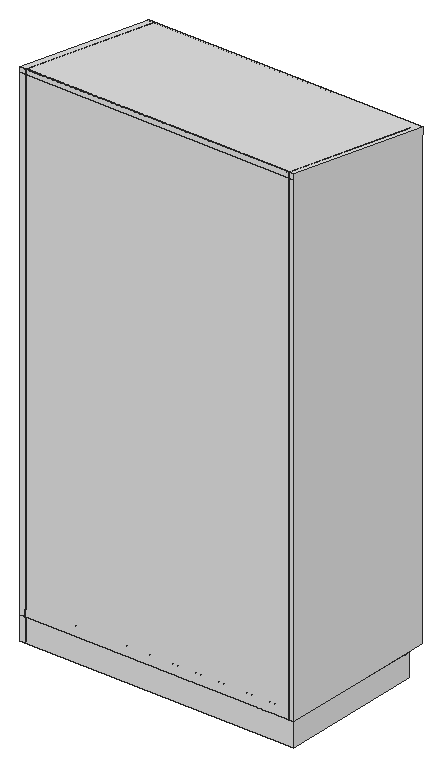
Revit family "Lockers_Series-51-with-Bottom-Base_Lincora", category Casework, Revit 2026
Family settings
  Work Plane-Based = No
  Always vertical = Yes
  Cut with Voids When Loaded = No
  Shared = No
  Room Calculation Point = No
Parameters (values of type "Series 51_White")
  Width = if(and(Requested Width < Max Width, Requested Width > Min Width), Requested Width, if(or(Requested Width = Max Width, Requested Width > Max Width), Max Width, Min Width))  # 48"
  URL = "https://www.lincora.com"
  Specification = "https://www.arcat.com/company/Harvey-Building-Products-32985/spec"
  Requested Width = 48"
  Requested Height = 90"
  Requested Depth = 28"
  Product Page URL = "https://www.arcat.com/company/Harvey-Building-Products-32985"
  Model = "Series 51"
  Min Width = 9"  # constant formula
  Min Height = 30 1/2"  # constant formula
  Min Depth = 12"  # constant formula
  Max Width = 48"  # constant formula
  Max Height = 90"  # constant formula
  Max Depth = 28"  # constant formula
  Manufacturer = "Lincora"
  Keynote = "10 51 00"
  Incremet = "8-Jan"
  Hook Width = Width - 2"  # 46"
  Hook Material = Aluminum
  Height = if(and(Requested Height < Max Height, Requested Height > Min Height), Requested Height, if(or(Requested Height = Max Height, Requested Height > Max Height), Max Height, Min Height))  # 90"
  Depth = if(and(Requested Depth < Max Depth, Requested Depth > Min Depth), Requested Depth, if(or(Requested Depth = Max Depth, Requested Depth > Max Depth), Max Depth, Min Depth))  # 28"
  Default Elevation = 0"
  Copyright = "ARCAT, Inc."
  CAD Details = "https://www.arcat.com/company/Harvey-Building-Products-32985/cad"
  Body Material = White
  Base Material = White
Types (12): name | Width | Requested Width | Requested Height | Requested Depth | Incremet | Hook Width | Height | Depth | Body Material | Base Material
  Series 51_White | 48" | 48" | 90" | 28" | "8-Jan" | 46" | 90" | 28" | White | White
  Series 51_Nevada Beige | 9" | 0" | 0" | 0" | "" | 7" | 30 1/2" | 12" | Nevada Beige | Nevada Beige
  Series 51_Pearl Gray | 9" | 0" | 0" | 0" | "" | 7" | 30 1/2" | 12" | Pearl Gray | Pearl Gray
  Series 51_Aluminum Gray | 9" | 0" | 0" | 0" | "" | 7" | 30 1/2" | 12" | Aluminum Gray | Aluminum Gray
  Series 51_Platinum Gray | 9" | 0" | 0" | 0" | "" | 7" | 30 1/2" | 12" | Platinum Gray | Platinum Gray
  Series 51_Medium Gray | 9" | 0" | 0" | 0" | "" | 7" | 30 1/2" | 12" | Medium Gray | Medium Gray
  Series 51_Dark Gray | 9" | 0" | 0" | 0" | "" | 7" | 30 1/2" | 12" | Dark Gray | Dark Gray
  Series 51_Ocean Blue | 9" | 0" | 0" | 0" | "" | 7" | 30 1/2" | 12" | Ocean Blue | Ocean Blue
  Series 51_Azure Blue | 9" | 0" | 0" | 0" | "" | 7" | 30 1/2" | 12" | Azure Blue | Azure Blue
  Series 51_Dark Blue | 9" | 0" | 0" | 0" | "" | 7" | 30 1/2" | 12" | Dark Blue | Dark Blue
  Series 51_Black | 9" | 0" | 0" | 0" | "" | 7" | 30 1/2" | 12" | Black | Black
  Series 51_Red | 9" | 0" | 0" | 0" | "" | 7" | 30 1/2" | 12" | Red | Red
Reference planes (in)
  plane 1 "Center (Front/Back)": y = 0
  plane 2: z = 0
  plane 3 "Center (Left/Right)": x = 0
  plane 4: y = 14
  plane 5: y = -14
  plane 6: x = 24
  plane 7: x = -24
  plane 8: z = 90
  plane 9: y = 11
  plane 10: y = 12.645
  plane 11: y = 12.436
  plane 12: y = -13.902
  plane 13: z = 85
  plane 14: z = 74.125
  plane 15: z = 75
  plane 16: z = 65
  plane 17: z = 64.125
  plane 18: z = 84.40205
  plane 19: z = 89.0932
  plane 20: z = 83.592
  plane 21: z = 5.346
  plane 22: z = 5.125
  plane 23: z = 4
  plane 24: z = 5
  plane 25: z = 5.937
  plane 26: z = 6.356
  plane 27: y = 11.936
  plane 28: y = 9.542
  plane 29: y = 8.106
  plane 30: y = -11.216
  plane 31: y = -12.652
  plane 32: x = -23.015
  plane 33: x = 23.015
  plane 34: x = -22.877
  plane 35: x = -21.471
  plane 36: x = -20.659
  plane 37: x = 22.77
  plane 38: x = -22.752
  plane 39: x = -19.378
  plane 40: z = 45
Forms (in)
  Extrusion 1, solid, material "White" <- "Body Material"
    sketch origin (0, 0, 0) x (0, 1, 0) y (0, 0, 1)
      loop
        line (-14.01, 90) -> (-14.01, 89.125) -> (-13.956, 89.125) -> (-13.956, 89.93766) -> (14.01, 84.95322) -> (14.01, 83.867) -> (12.382, 83.867) -> (12.382, 83.192)
        arc (12.382, 83.192) -> (12.361, 83.171) -> (12.34, 83.192) r 0.021
        line (12.34, 83.192) -> (12.34, 83.492) -> (12.286, 83.492) -> (12.286, 83.192)
        arc (12.286, 83.192) -> (12.361, 83.117) -> (12.436, 83.192) r 0.075
        line (12.436, 83.192) -> (12.436, 83.813) -> (14.064, 83.813) -> (14.064, 85) -> (-14.01, 90)
    from -24 to 24
  Extrusion 2, solid, material "White" <- "Body Material"
    sketch origin (0, 0, 0) x (0, 1, 0) y (0, 0, 1)
      loop
        line (-13.852, 89.91913) -> (-13.852, 89.0932) -> (12.31007, 84.40205) -> (12.45849, 85.22975) -> (-13.852, 89.91913)
    from -23.015 to 23.015
  Extrusion 3, solid, material "White" <- "Body Material"
    sketch origin (0, 0, 0) x (0, 1, 0) y (0, 0, 1)
      loop
        arc (11.60822, 64.034) -> (11.595, 64.04722) -> (11.60822, 64.06044) r 0.01322
        line (11.60822, 64.06044) -> (11.936, 64.06044) -> (11.936, 64.09444) -> (11.60822, 64.09444)
        arc (11.60822, 64.09444) -> (11.561, 64.04722) -> (11.60822, 64) r 0.04722
        line (11.60822, 64) -> (12.436, 64) -> (12.436, 65) -> (-13.922, 65) -> (-13.922, 64.125) -> (-13.888, 64.125) -> (-13.888, 64.966) -> (12.402, 64.966) -> (12.402, 64.034) -> (11.60822, 64.034)
    from -23.015 to 23.015
  Extrusion 4, solid, material "White" <- "Base Material"
    sketch origin (0, 0, 0) x (0, 1, 0) y (0, 0, 1)
      loop
        line (11, 4) -> (-14, 4) -> (-14, 0) -> (11, 0) -> (11, 4)
      loop
        line (10.946, 3.946) -> (-13.946, 3.946) -> (-13.946, 0.054) -> (10.946, 0.054) -> (10.946, 3.946)
    from -24 to 24
  Extrusion 5, solid, material "White" <- "Base Material"
    sketch origin (0, 0, 0) x (1, 0, 0) y (0, 1, 0)
      loop
        line (23.015, 10.946) -> (23.015, -13.946) -> (24, -13.946) -> (24, 10.946) -> (23.015, 10.946)
      loop
        line (-24, 10.946) -> (-24, -13.946) -> (-23.015, -13.946) -> (-23.015, 10.946) -> (-24, 10.946)
    from 0.054 to 3.946
  Extrusion 6, solid, material "White" <- "Body Material"
    sketch origin (0, 0, 0) x (0, 1, 0) y (0, 0, 1)
      loop
        line (13.882, 4.054) -> (13.436, 4.054) -> (13.436, 4) -> (13.936, 4) -> (13.936, 5.125) -> (12.436, 5.125) -> (12.436, 5.937) -> (-13.892, 6.356) -> (-13.892, 4.044) -> (-13.838, 4.044) -> (-13.838, 6.3008) -> (12.382, 5.88417) -> (12.382, 5.071) -> (13.882, 5.071) -> (13.882, 4.054)
    from -23.015 to 23.015
  Extrusion 7, solid, material "White" <- "Body Material"
    sketch origin (0, 0, 0) x (0, 1, 0) y (0, 0, 1)
      loop
        line (14, 3.98) -> (14, 5.077) -> (13.946, 5.077) -> (13.946, 3.98) -> (14, 3.98)
    from -23.015 to 23.015
  Extrusion 8, solid, material "White" <- "Body Material"
    sketch origin (0, 0, 0) x (0, 1, 0) y (0, 0, 1)
      loop
        line (11.936, 64.125) -> (11.936, 64.946) -> (-13.729, 64.946) -> (-13.729, 64.125) -> (11.936, 64.125)
    from -23.015 to 23.015
  Extrusion 9, solid, material "White" <- "Body Material"
    sketch origin (0, 0, -48.147) x (0, 1, 0) y (0, 0, 1)
      loop
        arc (11.60822, 122.181) -> (11.595, 122.19422) -> (11.60822, 122.20744) r 0.01322
        line (11.60822, 122.20744) -> (11.936, 122.20744) -> (11.936, 122.24144) -> (11.60822, 122.24144)
        arc (11.60822, 122.24144) -> (11.561, 122.19422) -> (11.60822, 122.147) r 0.04722
        line (11.60822, 122.147) -> (12.436, 122.147) -> (12.436, 123.147) -> (-13.922, 123.147) -> (-13.922, 122.272) -> (-13.888, 122.272) -> (-13.888, 123.113) -> (12.402, 123.113) -> (12.402, 122.181) -> (11.60822, 122.181)
    from -23.015 to 23.015
  Extrusion 10, solid, material "White" <- "Body Material"
    sketch origin (0, 0, -48.147) x (0, 1, 0) y (0, 0, 1)
      loop
        line (11.936, 122.272) -> (11.936, 123.113) -> (-13.854, 123.113) -> (-13.854, 122.272) -> (11.936, 122.272)
    from -23.015 to 23.015
  Extrusion 11, solid, material "White" <- "Body Material"
    sketch origin (0, 0, 0) x (0, 1, 0) y (0, 0, 1)
      loop
        line (10.375, 4.14482) -> (12.20371, 4.10466) -> (12.24286, 5.88723) -> (-13.76402, 6.29918) -> (-13.78121, 5.51636) -> (-12.80341, 4.49465) -> (-10.375, 4.44132) -> (-10.375, 5) -> (10.375, 5) -> (10.375, 4.14482)
    from -23.015 to 23.015
  Extrusion 12, solid, material "White" <- "Body Material"
    sketch origin (0, 0, 0) x (0, 1, 0) y (0, 0, 1)
      loop
        line (-13.071, 4.044) -> (-13.902, 4.044) -> (-13.902, 89.92869) -> (-14, 89.94497) -> (-14, 4.044) -> (-13.946, 4.044) -> (-13.946, 4) -> (-13.071, 4) -> (-13.071, 4.044)
    from -23.015 to 23.015
  Extrusion 13, solid, material "White" <- "Body Material"
    sketch origin (0, 0, 0) x (1, 0, 0) y (0, 0, 1)
      loop
        line (-23.015, 83.813) -> (23.015, 83.813) -> (23.015, 83.921) -> (24, 83.921) -> (24, 85) -> (-24, 85) -> (-24, 83.921) -> (-23.015, 83.921) -> (-23.015, 83.813)
    from -14 to -13.171
  Extrusion 14, solid, material "White" <- "Body Material"
    sketch origin (0, 0, 0) x (1, 0, 0) y (0, 0, 1)
      loop
        line (-23.015, 5.125) -> (-23.015, 89.892) -> (-23.015, 90) -> (-24, 90) -> (-24, 4.044) -> (-23.123, 4.044) -> (-23.123, 5.125) -> (-23.015, 5.125)
      loop
        line (23.015, 90) -> (23.015, 5.125) -> (23.123, 5.125) -> (23.123, 4.044) -> (24, 4.044) -> (24, 90) -> (23.015, 90)
    from -14 to 14
  Extrusion 15, void
    sketch origin (0, 0, 0) x (0, 1, 0) y (0, 0, 1)
      loop
        line (14.5, 84.92235) -> (14.5, 94.5) -> (-14, 94.5) -> (-14, 89.99822) -> (14.5, 84.92235)
    from -24 to 24
Cuts and joins
  joined: Extrusion 4, Extrusion 5
  Extrusion 15 cuts Extrusion 14
  joined: Extrusion 1, Extrusion 13, Extrusion 14
  Extrusion 15 cuts Extrusion 2
Dimensions and locks (in)
  equal spacing: plane 7, plane 3 "Center (Left/Right)", plane 6
  equal spacing: plane 4, plane 1 "Center (Front/Back)", plane 5
  "Width": plane 7 to plane 6
  "Depth": plane 5 to plane 4
  "Height": plane 8 to level
  plane 8 to plane 19 to plane 13 to plane 18 to plane 20 to plane 15 to plane 14 to plane 16 to plane 17 = 0.9068" locked, 4.0932" locked, 0.59795" locked, 0.81005" locked, 8.592" locked, 7/8" locked, 9 1/8" locked, 7/8" locked
  plane 26 to plane 25 to plane 21 to plane 22 to plane 24 to plane 23 to level = 0.419" locked, 0.591" locked, 0.221" locked, 1/8" locked, 1" locked, 4"
  plane 4 to plane 10 to plane 11 to plane 27 to plane 9 to plane 28 to plane 29 = 1.355" locked, 0.209" locked, 1/2" locked, 0.936" locked, 1.458" locked, 1.436" locked
  plane 30 to plane 31 to plane 12 to plane 5 = 1.436" locked, 1 1/4" locked, 0.098" locked
  plane 7 to plane 32 to plane 34 to plane 38 to plane 35 to plane 36 to plane 39 = 0.985" locked, 0.138" locked, 1/8" locked, 1.281" locked, 0.812" locked, 1.281" locked
  plane 6 to plane 33 to plane 37 = 0.985" locked, 0.245" locked
  equal spacing: plane 8, plane 40, level
  Extrusion 1 sketch curve to plane 5 to Extrusion 1 sketch curve = 0.044" locked, 0.01" locked
  Extrusion 1 sketch curve to Extrusion 1 sketch curve to plane 19 = 0.81266" locked, 0.0318" locked
  Extrusion 1 sketch curve to Extrusion 1 sketch curve to plane 4 = 0.054" locked, 0.01" locked
  plane 13 to Extrusion 1 sketch curve to Extrusion 1 sketch curve to Extrusion 1 sketch curve to Extrusion 1 sketch curve to Extrusion 1 sketch curve to Extrusion 1 sketch curve = 0.04678" locked, 1.08622" locked, 0.054" locked, 0.321" locked, 0.321" locked, 0.054" locked
  plane 4 to Extrusion 1 sketch curve to Extrusion 1 sketch curve to Extrusion 1 sketch curve to Extrusion 1 sketch curve = 1.564" locked, 0.054" locked, 0.042" locked, 0.054" locked
  locked: plane 9 to Extrusion 4 sketch curve at 0.054
  locked: Extrusion 4 sketch curve to plane 5 at 0.054
  locked: Extrusion 4 sketch curve to level at 0.054
  locked: plane 23 to Extrusion 4 sketch curve at 0.054
  Extrusion 6 sketch curve to Extrusion 6 sketch curve to plane 23 = 2.2568" locked, 0.044" locked
  Extrusion 6 sketch curve to Extrusion 6 sketch curve to plane 12 = 0.054" locked, 0.01" locked
  plane 4 to Extrusion 6 sketch curve to Extrusion 6 sketch curve to Extrusion 6 sketch curve to Extrusion 6 sketch curve to Extrusion 6 sketch curve = 0.064" locked, 0.054" locked, 0.446" locked, 1" locked, 0.054" locked
  Extrusion 6 sketch curve to Extrusion 6 sketch curve to Extrusion 6 sketch curve to plane 23 = 0.81317" locked, 1.017" locked, 0.054" locked
  locked: Extrusion 12 sketch curve to plane 23 at 0.044
  Extrusion 13 sketch curve to Extrusion 13 sketch curve to plane 20 = 0.108" locked, 0.221" locked
  locked: Extrusion 13 sketch curve to plane 20 at 0.329
  locked: Extrusion 13 to plane 20 at 0.329  (x2)
  locked: Extrusion 14 sketch curve to plane 23 at 0.044  (x2)
  locked: Extrusion 13 to plane 10 at 0.526
  plane 4 to Extrusion 11 sketch curve to Extrusion 11 sketch curve to Extrusion 11 sketch curve = 1.75714" locked, 0.03915" locked, 1.82871" locked
  Extrusion 11 sketch curve to Extrusion 11 sketch curve to Extrusion 11 sketch curve to Extrusion 11 sketch curve to plane 5 = 2.42841" locked, 0.96061" locked, 0.01719" locked, 0.21879" locked
  plane 25 to Extrusion 11 sketch curve to Extrusion 11 sketch curve to Extrusion 11 sketch curve = 0.04977" locked, 1.74241" locked, 0.04016" locked
  plane 26 to Extrusion 11 sketch curve to Extrusion 11 sketch curve to Extrusion 11 sketch curve to Extrusion 11 sketch curve = 0.05682" locked, 0.78281" locked, 1.02172" locked, 0.05333" locked
  locked: Extrusion 15 sketch curve to plane 8 at 4.5
  locked: Extrusion 15 sketch curve to plane 4 at 0.5
  Extrusion 9 sketch curve to Extrusion 9 sketch curve to plane 5 = 0.034" locked, 0.078" locked
  plane 11 to Extrusion 9 sketch curve to Extrusion 9 sketch curve to Extrusion 9 sketch curve = 0.034" locked, 0.807" locked, 0.034" locked
  Extrusion 9 sketch curve to plane 14 to Extrusion 9 sketch curve to Extrusion 9 sketch curve to Extrusion 9 sketch curve to Extrusion 9 sketch curve = 0.841" locked, 0.03056" locked, 0.034" locked, 0.02644" locked, 0.034" locked
  locked: Extrusion 10 sketch curve to plane 5 at 0.146
  Extrusion 3 sketch curve to Extrusion 3 sketch curve to plane 5 = 0.034" locked, 0.078" locked
  plane 11 to Extrusion 3 sketch curve to Extrusion 3 sketch curve to Extrusion 3 sketch curve to Extrusion 3 sketch curve = 0.034" locked, 0.466" locked, 0.341" locked, 0.034" locked
  plane 16 to Extrusion 3 sketch curve to Extrusion 3 sketch curve to Extrusion 3 sketch curve to Extrusion 3 sketch curve to Extrusion 3 sketch curve = 0.034" locked, 0.87156" locked, 0.034" locked, 0.02644" locked, 0.034" locked
  locked: Extrusion 8 sketch curve to plane 5 at 0.271
  Extrusion 7 sketch curve to plane 23 to Extrusion 7 sketch curve = 1.077" locked, 0.02" locked
  locked: plane 4 to Extrusion 7 sketch curve at 0.054
  plane 15 to plane 16 = 10"
  aligned and locked: plane 2 to level
  aligned and locked: plane 8 to Extrusion 1 sketch curve
  aligned and locked: plane 13 to Extrusion 1 sketch curve
  aligned and locked: plane 23 to Extrusion 4 sketch curve
  aligned and locked: plane 9 to Extrusion 4 sketch curve
  aligned and locked: level to Extrusion 4 sketch curve
  aligned and locked: Extrusion 4 sketch curve to plane 5
  aligned and locked: plane 7 to Extrusion 4
  aligned and locked: plane 6 to Extrusion 4
  aligned and locked: Extrusion 5 sketch curve to plane 6
  aligned and locked: plane 33 to Extrusion 5 sketch curve
  aligned and locked: plane 32 to Extrusion 5 sketch curve
  aligned and locked: plane 7 to Extrusion 5 sketch curve
  aligned and locked: cut or joined group of Extrusion 4, Extrusion 5 to cut or joined group of Extrusion 4, Extrusion 5  (x6)
  aligned and locked: plane 26 to Extrusion 6 sketch curve
  aligned and locked: plane 23 to Extrusion 6 sketch curve
  aligned and locked: Extrusion 6 sketch curve to plane 22
  aligned and locked: plane 25 to Extrusion 6 sketch curve
  aligned and locked: plane 17 to Extrusion 8 sketch curve
  aligned and locked: Extrusion 10 sketch curve to plane 14
  aligned and locked: plane 24 to Extrusion 11 sketch curve
  aligned and locked: plane 5 to Extrusion 12 sketch curve
  aligned and locked: Extrusion 12 sketch curve to plane 12
  aligned and locked: Extrusion 12 sketch curve to plane 23
  aligned and locked: plane 7 to Extrusion 1
  aligned and locked: plane 6 to Extrusion 1
  aligned and locked: plane 32 to Extrusion 9
  aligned and locked: plane 32 to Extrusion 10
  aligned and locked: plane 32 to Extrusion 3
  aligned and locked: plane 32 to Extrusion 8
  aligned and locked: Extrusion 9 to plane 33
  aligned and locked: Extrusion 3 to plane 33
  aligned and locked: Extrusion 8 to plane 33
  aligned and locked: Extrusion 10 to plane 33
  aligned and locked: plane 32 to Extrusion 11
  aligned and locked: plane 32 to Extrusion 6
  aligned and locked: Extrusion 11 to plane 33
  aligned and locked: Extrusion 6 to plane 33
  aligned and locked: plane 32 to Extrusion 7
  aligned and locked: Extrusion 7 to plane 33
  aligned and locked: plane 13 to Extrusion 13 sketch curve
  aligned and locked: plane 7 to Extrusion 13 sketch curve
  aligned and locked: plane 6 to Extrusion 13 sketch curve
  aligned and locked: Extrusion 13 sketch curve to plane 33
  aligned and locked: plane 32 to Extrusion 13 sketch curve
  aligned and locked: plane 33 to Extrusion 14 sketch curve
  aligned and locked: plane 7 to Extrusion 14 sketch curve
  aligned and locked: Extrusion 14 sketch curve to plane 32
  aligned and locked: Extrusion 14 sketch curve to plane 22
  aligned and locked: plane 22 to Extrusion 14 sketch curve
  aligned and locked: Extrusion 14 sketch curve to plane 6
  aligned and locked: plane 4 to Extrusion 13
  aligned and locked: plane 4 to Extrusion 14
  aligned and locked: plane 5 to Extrusion 14
  aligned and locked: Extrusion 14 sketch curve to plane 8
  aligned and locked: plane 8 to Extrusion 14 sketch curve
  aligned and locked: plane 6 to Extrusion 15
  aligned and locked: plane 7 to Extrusion 15
  aligned and locked: Extrusion 12 to plane 33
  aligned and locked: plane 32 to Extrusion 12
  aligned and locked: nested 1 to plane 1 "Center (Front/Back)"
  aligned and locked: Extrusion 8 to nested 1
  aligned and locked: plane 3 "Center (Left/Right)" to nested 1
  aligned and locked: plane 12 to nested 2
  aligned and locked: nested 2 to plane 3 "Center (Left/Right)"
  aligned and locked: plane 19 to Extrusion 2 sketch curve
  aligned and locked: plane 18 to Extrusion 2 sketch curve
  aligned and locked: Extrusion 15 sketch curve to plane 5
  aligned and locked: Extrusion 15 sketch curve to cut or joined group of Extrusion 1, Extrusion 13, Extrusion 14, Extrusion 15
  aligned and locked: plane 32 to cut or joined group of Extrusion 2, Extrusion 15
  aligned and locked: cut or joined group of Extrusion 2, Extrusion 15 to plane 33
  aligned and locked: Extrusion 2 sketch curve to cut or joined group of Extrusion 1, Extrusion 13, Extrusion 14, Extrusion 15
  aligned and locked: plane 15 to Extrusion 9 sketch curve
  aligned and locked: Extrusion 9 sketch curve to plane 14
  aligned and locked: plane 11 to Extrusion 9 sketch curve
  aligned and locked: plane 27 to Extrusion 9 sketch curve
  aligned and locked: plane 27 to Extrusion 10 sketch curve
  aligned and locked: Extrusion 3 sketch curve to plane 17
  aligned and locked: plane 16 to Extrusion 3 sketch curve
  aligned and locked: plane 11 to Extrusion 3 sketch curve
  aligned and locked: nested 2 to Extrusion 3
  aligned and locked: Extrusion 8 sketch curve to plane 27
  aligned and locked: Extrusion 7 sketch curve to plane 4
Automatic sketch dimensions
  Extrusion 5 sketch curve to plane 12 = 0.044"  (x2)
  Extrusion 5 sketch curve to plane 9 = 0.054"  (x2)
  plane 32 to Extrusion 14 sketch curve = 0.108"
  Extrusion 14 sketch curve to plane 33 = 0.108"
  Extrusion 14 sketch curve to plane 8 = 0.108"
  plane 12 to Extrusion 2 sketch curve = 0.05"
  Extrusion 12 sketch curve to plane 12 = 0.044"
  Extrusion 12 sketch curve to plane 31 = 0.419"
  plane 11 to Extrusion 2 sketch curve = 0.02249"
  Extrusion 12 sketch curve to plane 8 = 0.07131"
  Extrusion 12 sketch curve to plane 8 = 0.05503"
  Extrusion 10 sketch curve to plane 15 = 0.034"
  Extrusion 8 sketch curve to plane 16 = 0.054"
  plane 23 to Extrusion 12 sketch curve = 0.044"
Nested families (in)
  nested 1: "Hook" at (0, -0.75, 64.946) x (0, 1, 0) z (0, 0, 1), type "Hook"
    with Hook Width 46"
  nested 2: "Single Hook" at (0.25, -13.902, 64.966) x (-1, 0, 0) z (0, 0, 1), type "Single Hook"
Definition of nested family "Hook"
  Parameters (values of type "Hook")
    Hook Width = 16"
    Hook Material = none
    Default Elevation = 0"
  Reference planes (in)
    plane 1 "Center (Front/Back)": y = 0
    plane 2: z = 0
    plane 3 "Center (Left/Right)": x = 0
    plane 4: y = 8
    plane 5: y = -8
  Forms (in)
    Extrusion 1, solid, material <- "Hook Material"
      sketch origin (0, 9.17507, 0) x (0, 1, 0) y (0, 0, 1)
        loop
          line (-1.17507, 0) -> (-1.42507, 0) -> (-1.42507, -1.062) -> (-2.17507, -1.062) -> (-2.17507, -2.375) -> (-1.67507, -2.375) -> (-1.67507, -4.036) -> (-1.42507, -4.036) -> (-1.42507, -2.125) -> (-1.92507, -2.125) -> (-1.92507, -1.312) -> (-1.17507, -1.312) -> (-1.17507, 0)
      from -0.75 to 0.75
    Extrusion 2, solid, material <- "Hook Material"
      sketch origin (0, 9.17507, 0) x (0, 1, 0) y (0, 0, 1)
        loop
          line (-1.17507, -2.646) -> (-1.42507, -2.646) -> (-1.42507, -4.85258)
          arc (-1.42507, -4.85258) -> (-1.50098, -4.99099) -> (-1.6585, -5.00137) r 0.16414
          arc (-1.6585, -5.00137) -> (-2.21095, -4.60551) -> (-2.58184, -4.036) r 1.83859
          line (-2.58184, -4.036) -> (-2.8621, -4.036)
          arc (-2.8621, -4.036) -> (-2.43954, -4.76261) -> (-1.76476, -5.2638) r 2.08859
          arc (-1.76476, -5.2638) -> (-1.36686, -5.23769) -> (-1.17507, -4.88808) r 0.41454
          line (-1.17507, -4.88808) -> (-1.17507, -2.646)
      from -0.25 to 0.25
    Extrusion 3, void
      sketch origin (0, 9.17507, 0) x (1, 0, 0) y (0, 0, 1)
        loop
          line (-0.67, -2.864) -> (-0.75, -2.146) -> (-0.75, -4.036) -> (-0.67, -4.036) -> (-0.67, -2.864)
        loop
          line (0.67, -2.864) -> (0.67, -4.036) -> (0.75, -4.036) -> (0.75, -2.146) -> (0.67, -2.864)
      from 1.17507 to 2.17507
    Extrusion 4, solid, material <- "Hook Material"
      sketch origin (0, -9.17507, 0) x (0, -1, 0) y (0, 0, -1)
        loop
          line (-1.17507, 0) -> (-1.17507, 1.312) -> (-1.92507, 1.312) -> (-1.92507, 2.125) -> (-1.42507, 2.125) -> (-1.42507, 4.036) -> (-1.67507, 4.036) -> (-1.67507, 2.375) -> (-2.17507, 2.375) -> (-2.17507, 1.062) -> (-1.42507, 1.062) -> (-1.42507, 0) -> (-1.17507, 0)
      from -0.75 to 0.75
    Extrusion 5, solid, material <- "Hook Material"
      sketch origin (0, -9.17507, 0) x (0, -1, 0) y (0, 0, -1)
        loop
          line (-1.17507, 2.646) -> (-1.17507, 4.88808)
          arc (-1.17507, 4.88808) -> (-1.36686, 5.23769) -> (-1.76476, 5.2638) r 0.41454
          arc (-1.76476, 5.2638) -> (-2.43954, 4.76261) -> (-2.8621, 4.036) r 2.08859
          line (-2.8621, 4.036) -> (-2.58184, 4.036)
          arc (-2.58184, 4.036) -> (-2.21095, 4.60551) -> (-1.6585, 5.00137) r 1.83859
          arc (-1.6585, 5.00137) -> (-1.50098, 4.99099) -> (-1.42507, 4.85258) r 0.16414
          line (-1.42507, 4.85258) -> (-1.42507, 2.646) -> (-1.17507, 2.646)
      from -0.25 to 0.25
    Extrusion 6, void
      sketch origin (0, -9.17507, 0) x (1, 0, 0) y (0, 0, -1)
        loop
          line (-0.67, 2.864) -> (-0.67, 4.036) -> (-0.75, 4.036) -> (-0.75, 2.146) -> (-0.67, 2.864)
        loop
          line (0.67, 2.864) -> (0.75, 2.146) -> (0.75, 4.036) -> (0.67, 4.036) -> (0.67, 2.864)
      from 1.17507 to 2.17507
    Extrusion 7, solid, material <- "Hook Material"
      sketch origin (0, 0, 0) x (1, 0, 0) y (0, 0, 1)
        loop
          circle (0, -1.845) r 0.35
      from -8 to 8
    Extrusion 8, solid, material <- "Hook Material"
      sketch origin (0, 0, 0) x (1, 0, 0) y (0, 0, 1)
        loop
          line (-0.983, 0) -> (-0.983, -3.634) -> (0.983, -3.634) -> (0.983, 0) -> (-0.983, 0)
      from 8 to 7.88357
    Extrusion 9, solid, material <- "Hook Material"
      sketch origin (0, 0, 0) x (1, 0, 0) y (0, 0, -1)
        loop
          line (0.983, 0) -> (0.983, 3.634) -> (-0.983, 3.634) -> (-0.983, 0) -> (0.983, 0)
      from 8 to 7.88357
  Cuts and joins
    Extrusion 3, Extrusion 6 cuts Extrusion 1
    joined: Extrusion 1, Extrusion 9
    Extrusion 6 cuts Extrusion 4
    joined: Extrusion 4, Extrusion 8
  Dimensions and locks (in)
    "Hook Width": plane 4 to plane 5
    plane 4 to cut or joined group of Extrusion 1, Extrusion 3, Extrusion 6, Extrusion 9 to cut or joined group of Extrusion 1, Extrusion 3, Extrusion 6, Extrusion 9 to cut or joined group of Extrusion 1, Extrusion 3, Extrusion 6, Extrusion 9 = 1/4" locked, 1/4" locked, 1/2" locked
    equal spacing: plane 4, plane 1 "Center (Front/Back)", plane 5
    cut or joined group of Extrusion 4, Extrusion 6, Extrusion 8 to cut or joined group of Extrusion 4, Extrusion 6, Extrusion 8 to cut or joined group of Extrusion 4, Extrusion 6, Extrusion 8 to plane 5 = 1/2" locked, 1/4" locked, 1/4" locked
    locked: Extrusion 8 to plane 5 at 0.11643
    locked: Extrusion 9 to plane 4 at 0.11643
    aligned and locked: plane 2 to level
    aligned and locked: Extrusion 2 sketch curve to plane 4
    aligned and locked: Extrusion 1 sketch curve to plane 4
    aligned and locked: Extrusion 3 to plane 4
    aligned and locked: plane 5 to Extrusion 4 sketch curve
    aligned and locked: plane 5 to Extrusion 5 sketch curve
    aligned and locked: Extrusion 6 to plane 5
    aligned and locked: Extrusion 7 to plane 5
    aligned and locked: Extrusion 7 to plane 4
    aligned and locked: Extrusion 1 to Extrusion 3
    aligned and locked: Extrusion 6 to cut or joined group of Extrusion 4, Extrusion 6, Extrusion 8
    aligned and locked: Extrusion 5 to Extrusion 8
    aligned and locked: Extrusion 9 to plane 4
  Automatic sketch dimensions
    Extrusion 1 sketch curve to level = 0"
    plane 4 to Extrusion 1 sketch curve = 1/4"  (x2)
    Extrusion 1 sketch curve to Extrusion 1 sketch curve = 1/4"  (x4)
    Extrusion 1 sketch curve to Extrusion 1 sketch curve = 1/2"
    Extrusion 1 sketch curve to Extrusion 1 sketch curve = 1.062"
    Extrusion 1 sketch curve to Extrusion 1 sketch curve = 0.813"
    Extrusion 1 sketch curve to Extrusion 1 sketch curve = 1.661"
    Extrusion 2 sketch curve to Extrusion 2 sketch curve = 1/4"
    Extrusion 2 sketch curve to Extrusion 2 sketch curve = 0.16414"
    Extrusion 2 sketch curve to Extrusion 2 sketch curve = 0.0004"
    Extrusion 2 sketch curve to Extrusion 2 sketch curve = 0.99264"
    Extrusion 2 sketch curve to Extrusion 2 sketch curve = 0.28025"
    Extrusion 2 sketch curve to plane 4 = 0.2928"
    Extrusion 2 sketch curve to Extrusion 2 sketch curve = 0"
    Extrusion 2 sketch curve to level = 4.88808"
    Extrusion 2 sketch curve to Extrusion 2 sketch curve = 0.0355"
    Extrusion 2 sketch curve to Extrusion 2 sketch curve = 0.81658"
    Extrusion 2 sketch curve to Extrusion 2 sketch curve = 1.51727"
    Extrusion 2 sketch curve to Extrusion 2 sketch curve = 0.03613"
    Extrusion 2 sketch curve to Extrusion 2 sketch curve = 0.68868"
    Extrusion 3 sketch curve to plane 3 "Center (Left/Right)" = 3/4"
    Extrusion 3 sketch curve to plane 3 "Center (Left/Right)" = 0.67"
    plane 3 "Center (Left/Right)" to Extrusion 3 sketch curve = 0.67"
    Extrusion 3 sketch curve to Extrusion 3 sketch curve = 0.08"
    Extrusion 3 sketch curve to level = 4.036"
    Extrusion 3 sketch curve to Extrusion 3 sketch curve = 0"
    Extrusion 3 sketch curve to Extrusion 3 sketch curve = 1.172"  (x2)
    Extrusion 3 sketch curve to Extrusion 3 sketch curve = 0.718"  (x2)
    Extrusion 4 sketch curve to level = 0"
    plane 5 to Extrusion 4 sketch curve = 1/4"  (x2)
    Extrusion 4 sketch curve to Extrusion 4 sketch curve = 1/4"  (x4)
    Extrusion 4 sketch curve to Extrusion 4 sketch curve = 1/2"
    Extrusion 4 sketch curve to level = 1.062"
    Extrusion 4 sketch curve to Extrusion 4 sketch curve = 0.813"
    Extrusion 4 sketch curve to Extrusion 4 sketch curve = 1.661"
    Extrusion 5 sketch curve to Extrusion 5 sketch curve = 1/4"
    Extrusion 5 sketch curve to Extrusion 5 sketch curve = 0.16414"
    Extrusion 5 sketch curve to Extrusion 5 sketch curve = 0.0004"
    Extrusion 5 sketch curve to Extrusion 5 sketch curve = 0.99264"
    Extrusion 5 sketch curve to Extrusion 5 sketch curve = 0.28025"
    Extrusion 5 sketch curve to plane 5 = 0.2928"
    Extrusion 5 sketch curve to Extrusion 5 sketch curve = 0"
    Extrusion 5 sketch curve to level = 2.646"
    Extrusion 5 sketch curve to Extrusion 5 sketch curve = 0.68868"
    Extrusion 5 sketch curve to Extrusion 5 sketch curve = 0.03613"
    Extrusion 5 sketch curve to Extrusion 5 sketch curve = 1.39"
    Extrusion 5 sketch curve to Extrusion 5 sketch curve = 0.81658"
    Extrusion 5 sketch curve to Extrusion 5 sketch curve = 0.0355"
    Extrusion 6 sketch curve to plane 3 "Center (Left/Right)" = 3/4"
    Extrusion 6 sketch curve to plane 3 "Center (Left/Right)" = 0.67"
    plane 3 "Center (Left/Right)" to Extrusion 6 sketch curve = 0.67"
    Extrusion 6 sketch curve to Extrusion 6 sketch curve = 0.08"
    Extrusion 6 sketch curve to level = 2.146"
    Extrusion 6 sketch curve to Extrusion 6 sketch curve = 0"
    Extrusion 6 sketch curve to Extrusion 6 sketch curve = 0.718"  (x2)
    Extrusion 6 sketch curve to Extrusion 6 sketch curve = 1.172"  (x2)
    Extrusion 7 sketch curve to plane 3 "Center (Left/Right)" = 0"
    Extrusion 7 sketch curve to level = 1.845"
    Extrusion 8 sketch curve to level = 0"
    Extrusion 8 sketch curve to plane 3 "Center (Left/Right)" = 0.983"
    plane 3 "Center (Left/Right)" to Extrusion 8 sketch curve = 0.983"
    Extrusion 8 sketch curve to Extrusion 8 sketch curve = 3.634"
    Extrusion 9 sketch curve to level = 0"
    Extrusion 9 sketch curve to plane 3 "Center (Left/Right)" = 0.983"
    plane 3 "Center (Left/Right)" to Extrusion 9 sketch curve = 0.983"
    Extrusion 9 sketch curve to Extrusion 9 sketch curve = 3.634"
    radius of Extrusion 7 sketch curve = 0.35"
Definition of nested family "Single Hook"
  Parameters (values of type "Single Hook")
    Hook Material = none
    Default Elevation = 0"
  Reference planes (in)
    plane 1 "Center (Front/Back)": y = 0
    plane 2: z = 0
    plane 3 "Center (Left/Right)": x = 0
    plane 4: y = 0
    plane 5: y = 0
  Forms (in)
    Extrusion 1, solid, material <- "Hook Material"
      sketch origin (0, 9.17507, 0) x (0, 1, 0) y (0, 0, 1)
        loop
          line (-9.17507, 0) -> (-9.42507, 0) -> (-9.42507, -1.062) -> (-10.17507, -1.062) -> (-10.17507, -2.375) -> (-9.67507, -2.375) -> (-9.67507, -4.036) -> (-9.42507, -4.036) -> (-9.42507, -2.125) -> (-9.92507, -2.125) -> (-9.92507, -1.312) -> (-9.17507, -1.312) -> (-9.17507, 0)
      from -0.75 to 0.75
    Extrusion 2, solid, material <- "Hook Material"
      sketch origin (0, 9.17507, 0) x (0, 1, 0) y (0, 0, 1)
        loop
          line (-9.17507, -2.646) -> (-9.42507, -2.646) -> (-9.42507, -4.85258)
          arc (-9.42507, -4.85258) -> (-9.50098, -4.99099) -> (-9.6585, -5.00137) r 0.16414
          arc (-9.6585, -5.00137) -> (-10.21095, -4.60551) -> (-10.58184, -4.036) r 1.83859
          line (-10.58184, -4.036) -> (-10.8621, -4.036)
          arc (-10.8621, -4.036) -> (-10.43954, -4.76261) -> (-9.76476, -5.2638) r 2.08859
          arc (-9.76476, -5.2638) -> (-9.36686, -5.23769) -> (-9.17507, -4.88808) r 0.41454
          line (-9.17507, -4.88808) -> (-9.17507, -2.646)
      from -0.25 to 0.25
    Extrusion 3, void
      sketch origin (0, 9.17507, 0) x (1, 0, 0) y (0, 0, 1)
        loop
          line (-0.67, -2.864) -> (-0.75, -2.146) -> (-0.75, -4.036) -> (-0.67, -4.036) -> (-0.67, -2.864)
        loop
          line (0.67, -2.864) -> (0.67, -4.036) -> (0.75, -4.036) -> (0.75, -2.146) -> (0.67, -2.864)
      from 9.17507 to 10.17507
    Extrusion 4, solid, material <- "Hook Material"
      sketch origin (0, 0, 0) x (1, 0, 0) y (0, 0, -1)
        loop
          line (0.983, 0) -> (0.983, 3.634) -> (-0.983, 3.634) -> (-0.983, 0) -> (0.983, 0)
      from 0 to -0.11643
  Cuts and joins
    Extrusion 3 cuts Extrusion 1
  Dimensions and locks (in)
    plane 4 to plane 5 = 0"
    plane 4 to cut or joined group of Extrusion 1, Extrusion 3 to cut or joined group of Extrusion 1, Extrusion 3 to cut or joined group of Extrusion 1, Extrusion 3 = 1/4" locked, 1/4" locked, 1/2" locked
    equal spacing: plane 4, plane 1 "Center (Front/Back)", plane 5
    locked: Extrusion 4 to plane 4 at 0.11643
    aligned and locked: plane 2 to level
    aligned and locked: Extrusion 2 sketch curve to plane 4
    aligned and locked: Extrusion 1 sketch curve to plane 4
    aligned and locked: Extrusion 3 to plane 4
    aligned and locked: Extrusion 1 to Extrusion 3
    aligned and locked: Extrusion 4 to plane 4
    aligned and locked: plane 4 to plane 1 "Center (Front/Back)"
  Automatic sketch dimensions
    Extrusion 1 sketch curve to level = 0"
    plane 4 to Extrusion 1 sketch curve = 1/4"  (x2)
    Extrusion 1 sketch curve to Extrusion 1 sketch curve = 1/4"  (x4)
    Extrusion 1 sketch curve to Extrusion 1 sketch curve = 1/2"
    Extrusion 1 sketch curve to Extrusion 1 sketch curve = 1.062"
    Extrusion 1 sketch curve to Extrusion 1 sketch curve = 0.813"
    Extrusion 1 sketch curve to Extrusion 1 sketch curve = 1.661"
    Extrusion 2 sketch curve to Extrusion 2 sketch curve = 1/4"
    Extrusion 2 sketch curve to Extrusion 2 sketch curve = 0.16414"
    Extrusion 2 sketch curve to Extrusion 2 sketch curve = 0.0004"
    Extrusion 2 sketch curve to Extrusion 2 sketch curve = 0.99264"
    Extrusion 2 sketch curve to Extrusion 2 sketch curve = 0.28025"
    Extrusion 2 sketch curve to plane 4 = 0.2928"
    Extrusion 2 sketch curve to Extrusion 2 sketch curve = 0"
    Extrusion 2 sketch curve to level = 4.88808"
    Extrusion 2 sketch curve to Extrusion 2 sketch curve = 0.0355"
    Extrusion 2 sketch curve to Extrusion 2 sketch curve = 0.81658"
    Extrusion 2 sketch curve to Extrusion 2 sketch curve = 1.51727"
    Extrusion 2 sketch curve to Extrusion 2 sketch curve = 0.03613"
    Extrusion 2 sketch curve to Extrusion 2 sketch curve = 0.68868"
    Extrusion 3 sketch curve to plane 3 "Center (Left/Right)" = 3/4"
    Extrusion 3 sketch curve to plane 3 "Center (Left/Right)" = 0.67"
    plane 3 "Center (Left/Right)" to Extrusion 3 sketch curve = 0.67"
    Extrusion 3 sketch curve to Extrusion 3 sketch curve = 0.08"
    Extrusion 3 sketch curve to level = 4.036"
    Extrusion 3 sketch curve to Extrusion 3 sketch curve = 0"
    Extrusion 3 sketch curve to Extrusion 3 sketch curve = 1.172"  (x2)
    Extrusion 3 sketch curve to Extrusion 3 sketch curve = 0.718"  (x2)
    Extrusion 4 sketch curve to plane 3 "Center (Left/Right)" = 0.983"
    plane 3 "Center (Left/Right)" to Extrusion 4 sketch curve = 0.983"
    Extrusion 4 sketch curve to level = 3.634"
    Extrusion 4 sketch curve to level = 0"
